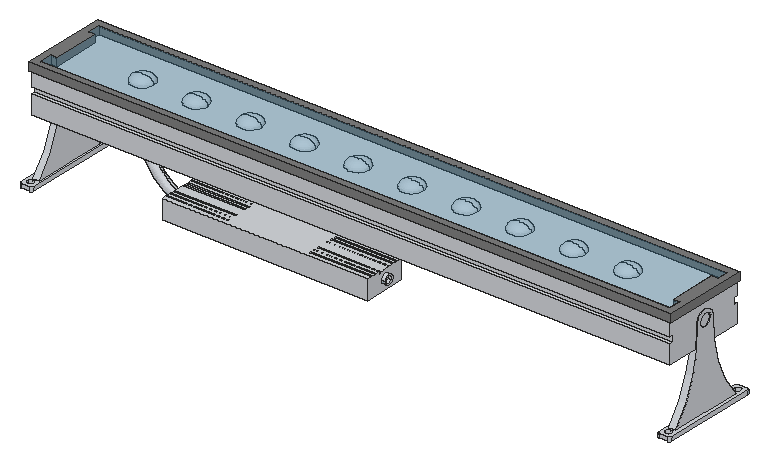
Revit family "WALL WASHER HIGH POWER LED 50CM_LK1036RGB.30", category Luminarias, Revit 2019
Family settings
  Cota de conector redondo = Diámetro de uso
  Tipo de pieza = Normal
  Se basa en plano de trabajo = Sí
  Siempre vertical = No
  Corte con vacíos al cargar = No
  Origen de luz = Sí
  Compartido = No
  Punto de cálculo de habitación = No
Parameters (values of type "REFL_LK1036RGB.30")
  Ángulo de inclinación = 60.00°
  Zone [instance] = ""
  Watt per fixture = 33.6
  Wattage = 33.6 W
  built-in parameter 1150107 = 3000 (stored number, unit not read)
  built-in parameter 1150110 = 1 (stored number, unit not read)
  built-in parameter 1150109 = 1 (stored number, unit not read)
  built-in parameter 1150112 = 1 (stored number, unit not read)
  built-in parameter 1150113 = 1 (stored number, unit not read)
  built-in parameter 1114218 = 1 (stored number, unit not read)
  Keynote = ""
  built-in parameter 1150137 = (empty or 0)
  built-in parameter 1150132 = (empty or 0)
  Modelo = "LK1036RGB.30"
  Lámpara = "OSRAM"
  built-in parameter 1150105 = 54.813 (stored number, unit not read)
  built-in parameter 1150102 = (empty or 0)
  built-in parameter 1150106 = 0.54813 (stored number, unit not read)
  Lumens = 688.8 lm
  Color Filter = 16777215
  built-in parameter 1114217 = 1 (stored number, unit not read)
  built-in parameter 1150139 = (empty or 0)
  Fabricante = "BRILLANT"
  Default Elevation = 0 mm
  built-in parameter 1150104 = 1.9045 (stored number, unit not read)
  Descripción = "LUMINARIA TIPO REFLECTOR LINEAL, WALL WASHER , CUERPO DE ALUMINIO EXTRUIDO CON POLVO GRIS, VIDRIO TEMPLADO DE 3MM ADEMAS DEL SELLADO CON SILICON EN VIDRIO Y HOUSING, CUENTA CON 10 LED TIPO OSRAM CON UN CONSUMO TOTAL DE 33.6W, 689 LUMENES, R=400mA G=500mA B=500mA, IP 66, IK 05, CABLE H07RN DE 0.5M, APERTURA DE 30 GRADOS EN STOCK, ALIMENTADA A 24V, REQUIERE ACCESORIOS."
  built-in parameter 1150115 = 1 (stored number, unit not read)
  built-in parameter 1150114 = 1 (stored number, unit not read)
  Comentarios de vataje = "24V"
  built-in parameter 1150138 = (empty or 0)
  built-in parameter 1150134 = (empty or 0)
  Circuit [instance] = ""
  Dimming Lamp Color Temperature Shift = 1
  Archivo de red fotométrica = "LK1036RGB.IES"
  built-in parameter 1150133 = 10 (stored number, unit not read)
Reference planes
  plane 1 "Centro (Frontal/Posterior)": y = 0
  plane 2: z = 0
  plane 3 "Centro (Izquierda/Derecha)": x = 0
  plane 4: x = -250
  plane 5: x = 250
  plane 6: z = 86
  plane 7: z = 3
  plane 8: x = 0
Forms (mm)
  Extrusion 1, solid, material "Aluminio"
    sketch origin (0, 0, 0) x (1, 0, 0) y (0, 1, 0)
      loop
        line (-250, 33.5) -> (-250, -33.5) -> (250, -33.5) -> (250, 33.5) -> (-250, 33.5)
      loop
        line (-245, -28.5) -> (245, -28.5) -> (245, -18.5) -> (240, -18.5) -> (240, 18.5) -> (245, 18.5) -> (245, 28.5) -> (-245, 28.5) -> (-245, 18.5) -> (-240, 18.5) -> (-240, -18.5) -> (-245, -18.5) -> (-245, -28.5)
    from 86 to 79.969
  Extrusion 2, solid
    sketch origin (0, 0, 0) x (1, 0, 0) y (0, 1, 0)
      loop
        arc (-245.182, -38.75) -> (-243.931, -38.232) -> (-243.412, -36.98) r 1.77
        line (-243.412, -36.98) -> (-243.412, 36.98)
        arc (-243.412, 36.98) -> (-243.931, 38.232) -> (-245.182, 38.75) r 1.77
        line (-245.182, 38.75) -> (-251.643, 38.75)
        arc (-251.643, 38.75) -> (-252.894, 38.232) -> (-253.412, 36.98) r 1.77
        line (-253.412, 36.98) -> (-253.412, -36.98)
        arc (-253.412, -36.98) -> (-252.894, -38.232) -> (-251.643, -38.75) r 1.77
        line (-251.643, -38.75) -> (-245.182, -38.75)
      loop
        circle (-248.412, -33.75) r 2.617
      loop
        circle (-248.412, 33.75) r 2.617
      loop
        line (245.182, -38.75) -> (251.643, -38.75)
        arc (251.643, -38.75) -> (252.894, -38.232) -> (253.412, -36.98) r 1.77
        line (253.412, -36.98) -> (253.412, 36.98)
        arc (253.412, 36.98) -> (252.894, 38.232) -> (251.643, 38.75) r 1.77
        line (251.643, 38.75) -> (245.182, 38.75)
        arc (245.182, 38.75) -> (243.931, 38.232) -> (243.412, 36.98) r 1.77
        line (243.412, 36.98) -> (243.412, -36.98)
        arc (243.412, -36.98) -> (243.931, -38.232) -> (245.182, -38.75) r 1.77
      loop
        circle (248.412, -33.75) r 2.617
      loop
        circle (248.412, 33.75) r 2.617
    from 0 to 3
  Extrusion 3, solid
    sketch origin (0, 0, 57.505) x (0, -1, 0) y (0, 0, -1)
      loop
        circle (0, -9.725) r 5
      loop
        arc (-7.232, -9.725) -> (0, -16.957) -> (7.232, -9.725) r 7.232
        arc (7.232, -9.725) -> (12.387, 24.386) -> (29.21, 54.505) r 96.512
        line (29.21, 54.505) -> (0.469, 54.505) -> (0.469, 19.505) -> (-0.469, 19.505) -> (-0.469, 54.505) -> (-29.21, 54.505)
        arc (-29.21, 54.505) -> (-12.387, 24.386) -> (-7.232, -9.725) r 96.512
    from 245 to 250
  Extrusion 4, solid, material "Cristal"
    sketch origin (0, 0, 0) x (1, 0, 0) y (0, 1, 0)
      loop
        line (-245, 28.5) -> (-245, 18.5) -> (-240, 18.5) -> (-240, -18.5) -> (-245, -18.5) -> (-245, -28.5) -> (245, -28.5) -> (245, -18.5) -> (240, -18.5) -> (240, 18.5) -> (245, 18.5) -> (245, 28.5) -> (-245, 28.5)
    from 86 to 85.337
  Revolve 5, solid
    sketch origin (0, 0, 1.84) x (1, 0, 0) y (0, 0, 1)
      loop
        line (105.714, 83.128) -> (105.714, 78.128) -> (114.371, 78.128)
        spline (114.371, 78.128) -> (114.297, 78.781) -> (114.076, 79.422) -> (113.712, 80.042) -> (113.211, 80.628) -> (112.582, 81.172) -> (111.835, 81.664) -> (110.984, 82.095) -> (110.043, 82.458) -> (109.027, 82.748) -> (107.955, 82.958) -> (106.844, 83.085) -> (105.714, 83.128)
      axis (105.714, 78.128) -> (105.714, 83.128)
    angle from 0 to 360
  Revolve 6, solid
    sketch origin (-42, 0, 1.84) x (1, 0, 0) y (0, 0, 1)
      loop
        line (105.714, 83.128) -> (105.714, 78.128) -> (114.371, 78.128)
        spline (114.371, 78.128) -> (114.297, 78.781) -> (114.076, 79.422) -> (113.712, 80.042) -> (113.211, 80.628) -> (112.582, 81.172) -> (111.835, 81.664) -> (110.984, 82.095) -> (110.043, 82.458) -> (109.027, 82.748) -> (107.955, 82.958) -> (106.844, 83.085) -> (105.714, 83.128)
      axis (105.714, 78.128) -> (105.714, 83.128)
    angle from 0 to 360
  Revolve 7, solid
    sketch origin (-84, 0, 1.84) x (1, 0, 0) y (0, 0, 1)
      loop
        line (105.714, 83.128) -> (105.714, 78.128) -> (114.371, 78.128)
        spline (114.371, 78.128) -> (114.297, 78.781) -> (114.076, 79.422) -> (113.712, 80.042) -> (113.211, 80.628) -> (112.582, 81.172) -> (111.835, 81.664) -> (110.984, 82.095) -> (110.043, 82.458) -> (109.027, 82.748) -> (107.955, 82.958) -> (106.844, 83.085) -> (105.714, 83.128)
      axis (105.714, 78.128) -> (105.714, 83.128)
    angle from 0 to 360
  Revolve 8, solid
    sketch origin (-126, 0, 1.84) x (1, 0, 0) y (0, 0, 1)
      loop
        line (105.714, 83.128) -> (105.714, 78.128) -> (114.371, 78.128)
        spline (114.371, 78.128) -> (114.297, 78.781) -> (114.076, 79.422) -> (113.712, 80.042) -> (113.211, 80.628) -> (112.582, 81.172) -> (111.835, 81.664) -> (110.984, 82.095) -> (110.043, 82.458) -> (109.027, 82.748) -> (107.955, 82.958) -> (106.844, 83.085) -> (105.714, 83.128)
      axis (105.714, 78.128) -> (105.714, 83.128)
    angle from 0 to 360
  Revolve 9, solid
    sketch origin (-168, 0, 1.84) x (1, 0, 0) y (0, 0, 1)
      loop
        line (105.714, 83.128) -> (105.714, 78.128) -> (114.371, 78.128)
        spline (114.371, 78.128) -> (114.297, 78.781) -> (114.076, 79.422) -> (113.712, 80.042) -> (113.211, 80.628) -> (112.582, 81.172) -> (111.835, 81.664) -> (110.984, 82.095) -> (110.043, 82.458) -> (109.027, 82.748) -> (107.955, 82.958) -> (106.844, 83.085) -> (105.714, 83.128)
      axis (105.714, 78.128) -> (105.714, 83.128)
    angle from 0 to 360
  Revolve 10, solid
    sketch origin (-210, 0, 1.84) x (1, 0, 0) y (0, 0, 1)
      loop
        line (105.714, 83.128) -> (105.714, 78.128) -> (114.371, 78.128)
        spline (114.371, 78.128) -> (114.297, 78.781) -> (114.076, 79.422) -> (113.712, 80.042) -> (113.211, 80.628) -> (112.582, 81.172) -> (111.835, 81.664) -> (110.984, 82.095) -> (110.043, 82.458) -> (109.027, 82.748) -> (107.955, 82.958) -> (106.844, 83.085) -> (105.714, 83.128)
      axis (105.714, 78.128) -> (105.714, 83.128)
    angle from 0 to 360
  Extrusion 11, solid
    sketch origin (-86.286, 0, 0) x (1, 0, 0) y (0, 1, 0)
      loop
        circle (-102, 0) r 7.477
    from 46.607 to 49.683
  Extrusion 12, solid
    sketch origin (-86.286, 0, 0) x (1, 0, 0) y (0, 1, 0)
      loop
        line (-102, 7.477) -> (-108.476, 3.739) -> (-108.476, -3.739) -> (-102, -7.477) -> (-95.524, -3.739) -> (-95.524, 3.739) -> (-102, 7.477)
    from 43.841 to 46.607
  Extrusion 13, solid
    sketch origin (0, 0, 0) x (1, 0, 0) y (0, 1, 0)
      loop
        line (-248.412, 32.016) -> (-248.412, -32.654) -> (248.545, -32.654) -> (248.545, 32.016) -> (-248.412, 32.016)
    from 49.683 to 79.969
  Revolve 14, solid
    sketch origin (42, 0, 1.84) x (1, 0, 0) y (0, 0, 1)
      loop
        line (105.714, 83.128) -> (105.714, 78.128) -> (114.371, 78.128)
        spline (114.371, 78.128) -> (114.297, 78.781) -> (114.076, 79.422) -> (113.712, 80.042) -> (113.211, 80.628) -> (112.582, 81.172) -> (111.835, 81.664) -> (110.984, 82.095) -> (110.043, 82.458) -> (109.027, 82.748) -> (107.955, 82.958) -> (106.844, 83.085) -> (105.714, 83.128)
      axis (105.714, 78.128) -> (105.714, 83.128)
    angle from 0 to 360
  Revolve 15, solid
    sketch origin (84, 0, 1.84) x (1, 0, 0) y (0, 0, 1)
      loop
        line (105.714, 83.128) -> (105.714, 78.128) -> (114.371, 78.128)
        spline (114.371, 78.128) -> (114.297, 78.781) -> (114.076, 79.422) -> (113.712, 80.042) -> (113.211, 80.628) -> (112.582, 81.172) -> (111.835, 81.664) -> (110.984, 82.095) -> (110.043, 82.458) -> (109.027, 82.748) -> (107.955, 82.958) -> (106.844, 83.085) -> (105.714, 83.128)
      axis (105.714, 78.128) -> (105.714, 83.128)
    angle from 0 to 360
  Revolve 16, solid
    sketch origin (-252, 0, 1.84) x (1, 0, 0) y (0, 0, 1)
      loop
        line (105.714, 83.128) -> (105.714, 78.128) -> (114.371, 78.128)
        spline (114.371, 78.128) -> (114.297, 78.781) -> (114.076, 79.422) -> (113.712, 80.042) -> (113.211, 80.628) -> (112.582, 81.172) -> (111.835, 81.664) -> (110.984, 82.095) -> (110.043, 82.458) -> (109.027, 82.748) -> (107.955, 82.958) -> (106.844, 83.085) -> (105.714, 83.128)
      axis (105.714, 78.128) -> (105.714, 83.128)
    angle from 0 to 360
  Revolve 17, solid
    sketch origin (-294, 0, 1.84) x (1, 0, 0) y (0, 0, 1)
      loop
        line (105.714, 83.128) -> (105.714, 78.128) -> (114.371, 78.128)
        spline (114.371, 78.128) -> (114.297, 78.781) -> (114.076, 79.422) -> (113.712, 80.042) -> (113.211, 80.628) -> (112.582, 81.172) -> (111.835, 81.664) -> (110.984, 82.095) -> (110.043, 82.458) -> (109.027, 82.748) -> (107.955, 82.958) -> (106.844, 83.085) -> (105.714, 83.128)
      axis (105.714, 78.128) -> (105.714, 83.128)
    angle from 0 to 360
  Extrusion 18, void
    sketch origin (0, 0, 0) x (0, 1, 0) y (0, 0, 1)
      loop
        line (-32.654, 69.191) -> (-32.654, 64.191) -> (-29.884, 64.191) -> (-29.884, 69.191) -> (-32.654, 69.191)
      loop
        line (32.654, 69.191) -> (29.884, 69.191) -> (29.884, 64.191) -> (32.654, 64.191) -> (32.654, 69.191)
    from -250 to 250
  Extrusion 19, solid
    sketch origin (0, 0, 57.505) x (0, -1, 0) y (0, 0, 1)
      loop
        circle (0, 9.725) r 5
      loop
        arc (-7.232, 9.725) -> (-12.387, -24.386) -> (-29.21, -54.505) r 96.512
        line (-29.21, -54.505) -> (-0.469, -54.505) -> (-0.469, -19.505) -> (0.469, -19.505) -> (0.469, -54.505) -> (29.21, -54.505)
        arc (29.21, -54.505) -> (12.387, -24.386) -> (7.232, 9.725) r 96.512
        arc (7.232, 9.725) -> (0, 16.957) -> (-7.232, 9.725) r 7.232
    from 245 to 250
  Extrusion 20, solid
    sketch origin (0, 0, 0) x (1, 0, 0) y (0, 1, 0)
      loop
        line (-159.783, 16) -> (-159.783, -16) -> (0.217, -16) -> (0.217, 16) -> (-159.783, 16)
    from 0 to 15
  Extrusion 21, void
    sketch origin (0, 0, 0) x (1, 0, 0) y (0, 1, 0)
      loop
        line (-159.783, 12.695) -> (-159.783, 11.445) -> (-111.686, 11.445) -> (-111.686, 12.695) -> (-159.783, 12.695)
      loop
        line (-159.783, 8.945) -> (-159.783, 7.695) -> (-111.686, 7.695) -> (-111.686, 8.945) -> (-159.783, 8.945)
      loop
        line (-159.783, 5.195) -> (-159.783, 3.945) -> (-111.686, 3.945) -> (-111.686, 5.195) -> (-159.783, 5.195)
      loop
        line (-159.783, -12.695) -> (-111.686, -12.695) -> (-111.686, -11.445) -> (-159.783, -11.445) -> (-159.783, -12.695)
      loop
        line (-159.783, -8.945) -> (-111.686, -8.945) -> (-111.686, -7.695) -> (-159.783, -7.695) -> (-159.783, -8.945)
      loop
        line (-159.783, -5.195) -> (-111.686, -5.195) -> (-111.686, -3.945) -> (-159.783, -3.945) -> (-159.783, -5.195)
      loop
        line (0.217, 12.695) -> (-47.88, 12.695) -> (-47.88, 11.445) -> (0.217, 11.445) -> (0.217, 12.695)
      loop
        line (0.217, 8.945) -> (-47.88, 8.945) -> (-47.88, 7.695) -> (0.217, 7.695) -> (0.217, 8.945)
      loop
        line (0.217, 5.195) -> (-47.88, 5.195) -> (-47.88, 3.945) -> (0.217, 3.945) -> (0.217, 5.195)
      loop
        line (0.217, -12.695) -> (0.217, -11.445) -> (-47.88, -11.445) -> (-47.88, -12.695) -> (0.217, -12.695)
      loop
        line (0.217, -8.945) -> (0.217, -7.695) -> (-47.88, -7.695) -> (-47.88, -8.945) -> (0.217, -8.945)
      loop
        line (0.217, -5.195) -> (0.217, -3.945) -> (-47.88, -3.945) -> (-47.88, -5.195) -> (0.217, -5.195)
    from 13.385 to 15
  Extrusion 22, solid
    sketch origin (0, 0, 0) x (0, 1, 0) y (0, 0, 1)
      loop
        circle (0, 8.771) r 3.442
      loop
        line (2.746, 10.356) -> (0, 11.942) -> (-2.746, 10.356) -> (-2.746, 7.185) -> (0, 5.6) -> (2.746, 7.185) -> (2.746, 10.356)
    from -163.333 to -156.969
  Extrusion 23, solid
    sketch origin (-124.565, 0, 0) x (0, 1, 0) y (0, 0, -1)
      loop
        circle (0, -8.771) r 3.442
      loop
        line (2.746, -10.356) -> (2.746, -7.185) -> (0, -5.6) -> (-2.746, -7.185) -> (-2.746, -10.356) -> (0, -11.942) -> (2.746, -10.356)
    from -128.252 to -124.565
  Sweep 24, solid
    path origin (17.303, 0, 13.216) x (1, 0, 0) y (0, 0, 1)
      loop
        arc (-188.601, 37.696) -> (-183.417, 21.627) -> (-170.773, 10.436) r 31.987
    profile origin (-166.114, 0, 34.843) x (0.836903, 0, 0.547351) y (0, -1, 0)
      loop
        circle (-16.782, 0) r 3.712
Cuts and joins
  Extrusion 18 cuts Extrusion 13
  Extrusion 21 cuts Extrusion 20
Dimensions and locks
  equal spacing: plane 4, plane 3 "Centro (Izquierda/Derecha)", plane 5
  plane 4 to plane 5 = 500 mm
  plane 4 to plane 3 "Centro (Izquierda/Derecha)" = 250 mm
  plane 6 to plane 2 = 86 mm
  plane 6 to level = 86 mm
  plane 7 to level = 3 mm
  aligned and locked: level to plane 2
  aligned and locked: plane 7 to Extrusion 2
  aligned and locked: Extrusion 1 to plane 6
  aligned and locked: Extrusion 1 to Extrusion 4
  aligned and locked: Extrusion 1 to Extrusion 18  (x2)
  aligned and locked: Extrusion 1 to Extrusion 3
  aligned and locked: Extrusion 3 to Extrusion 1
Automatic sketch dimensions
  Extrusion 1 sketch curve to plane 4 = 0 mm
  Extrusion 1 sketch curve to plane 5 = 0 mm
  plane 4 to Extrusion 1 sketch curve = 5 mm  (x2)
  Extrusion 1 sketch curve to Extrusion 1 sketch curve = 5 mm  (x4)
  Extrusion 1 sketch curve to plane 5 = 10 mm
  Extrusion 1 sketch curve to plane 5 = 5 mm
  plane 1 "Centro (Frontal/Posterior)" to Extrusion 1 sketch curve = 33.5 mm
  Extrusion 1 sketch curve to Extrusion 1 sketch curve = 10 mm  (x3)
  Extrusion 1 sketch curve to plane 1 "Centro (Frontal/Posterior)" = 18.5 mm  (x2)
  Extrusion 2 sketch curve to plane 4 = 3.412 mm
  Extrusion 2 sketch curve to plane 4 = 1.643 mm  (x2)
  plane 4 to Extrusion 2 sketch curve = 1.588 mm  (x2)
  plane 4 to Extrusion 2 sketch curve = 4.818 mm
  Extrusion 2 sketch curve to Extrusion 2 sketch curve = 3.23 mm  (x5)
  Extrusion 2 sketch curve to Extrusion 2 sketch curve = 1.77 mm  (x4)
  Extrusion 2 sketch curve to plane 5 = 6.588 mm
  Extrusion 2 sketch curve to plane 5 = 1.588 mm  (x2)
  plane 5 to Extrusion 2 sketch curve = 1.643 mm  (x2)
  plane 1 "Centro (Frontal/Posterior)" to Extrusion 2 sketch curve = 38.75 mm  (x2)
  Extrusion 2 sketch curve to plane 1 "Centro (Frontal/Posterior)" = 33.75 mm  (x2)
  Extrusion 3 sketch curve to Extrusion 3 sketch curve = 0 mm  (x2)
  Extrusion 3 sketch curve to plane 7 = 0 mm  (x2)
  Extrusion 3 sketch curve to plane 1 "Centro (Frontal/Posterior)" = 0 mm
  Extrusion 3 sketch curve to plane 1 "Centro (Frontal/Posterior)" = 0.469 mm
  Extrusion 3 sketch curve to Extrusion 3 sketch curve = 28.741 mm  (x2)
  Extrusion 3 sketch curve to plane 6 = 21.636 mm  (x2)
  Extrusion 3 sketch curve to Extrusion 3 sketch curve = 74.492 mm
  plane 1 "Centro (Frontal/Posterior)" to Extrusion 3 sketch curve = 0.469 mm
  Extrusion 3 sketch curve to plane 6 = 18.77 mm
  Extrusion 3 sketch curve to Extrusion 3 sketch curve = 29.23 mm
  plane 4 to Extrusion 4 sketch curve = 5 mm  (x2)
  Extrusion 4 sketch curve to Extrusion 4 sketch curve = 5 mm  (x2)
  Extrusion 4 sketch curve to plane 5 = 10 mm
  Extrusion 4 sketch curve to plane 5 = 5 mm
  plane 1 "Centro (Frontal/Posterior)" to Extrusion 4 sketch curve = 28.5 mm
  Extrusion 4 sketch curve to Extrusion 4 sketch curve = 10 mm  (x3)
  Extrusion 4 sketch curve to plane 1 "Centro (Frontal/Posterior)" = 18.5 mm  (x2)
  Revolve 5 sketch curve to plane 6 = 1.031 mm
  plane 3 "Centro (Izquierda/Derecha)" to Revolve 5 sketch curve = 105.714 mm
  Revolve 5 sketch curve to Revolve 5 sketch curve = 0 mm  (x3)
  Revolve 5 sketch curve to Revolve 5 sketch curve = 8.657 mm
  Revolve 5 sketch curve to Revolve 5 sketch curve = 5 mm
  plane 6 to Revolve 5 sketch curve = 15.857 mm
  Revolve 6 sketch curve to plane 6 = 1.031 mm
  plane 3 "Centro (Izquierda/Derecha)" to Revolve 6 sketch curve = 63.714 mm
  Revolve 6 sketch curve to Revolve 6 sketch curve = 0 mm  (x3)
  Revolve 6 sketch curve to Revolve 6 sketch curve = 8.657 mm
  Revolve 6 sketch curve to Revolve 6 sketch curve = 5 mm
  plane 6 to Revolve 6 sketch curve = 15.857 mm
  Revolve 7 sketch curve to plane 6 = 1.031 mm
  plane 3 "Centro (Izquierda/Derecha)" to Revolve 7 sketch curve = 21.714 mm
  Revolve 7 sketch curve to Revolve 7 sketch curve = 0 mm  (x3)
  Revolve 7 sketch curve to Revolve 7 sketch curve = 8.657 mm
  Revolve 7 sketch curve to Revolve 7 sketch curve = 5 mm
  plane 6 to Revolve 7 sketch curve = 15.857 mm
  Revolve 8 sketch curve to plane 6 = 1.031 mm
  Revolve 8 sketch curve to plane 3 "Centro (Izquierda/Derecha)" = 20.286 mm
  Revolve 8 sketch curve to Revolve 8 sketch curve = 0 mm  (x3)
  Revolve 8 sketch curve to Revolve 8 sketch curve = 8.657 mm
  Revolve 8 sketch curve to Revolve 8 sketch curve = 5 mm
  plane 6 to Revolve 8 sketch curve = 15.857 mm
  Revolve 9 sketch curve to plane 6 = 1.031 mm
  Revolve 9 sketch curve to plane 3 "Centro (Izquierda/Derecha)" = 62.286 mm
  Revolve 9 sketch curve to Revolve 9 sketch curve = 0 mm  (x3)
  Revolve 9 sketch curve to Revolve 9 sketch curve = 8.657 mm
  Revolve 9 sketch curve to Revolve 9 sketch curve = 5 mm
  plane 6 to Revolve 9 sketch curve = 15.857 mm
  Revolve 10 sketch curve to plane 6 = 1.031 mm
  Revolve 10 sketch curve to plane 3 "Centro (Izquierda/Derecha)" = 104.286 mm
  Revolve 10 sketch curve to Revolve 10 sketch curve = 0 mm  (x3)
  Revolve 10 sketch curve to Revolve 10 sketch curve = 8.657 mm
  Revolve 10 sketch curve to Revolve 10 sketch curve = 5 mm
  plane 6 to Revolve 10 sketch curve = 15.857 mm
  plane 1 "Centro (Frontal/Posterior)" to Extrusion 11 sketch curve = 0 mm
  plane 4 to Extrusion 11 sketch curve = 61.714 mm
  plane 4 to Extrusion 13 sketch curve = 1.588 mm
  Extrusion 13 sketch curve to plane 5 = 1.455 mm
  plane 1 "Centro (Frontal/Posterior)" to Extrusion 13 sketch curve = 32.654 mm
  Extrusion 13 sketch curve to plane 1 "Centro (Frontal/Posterior)" = 32.016 mm
  Revolve 14 sketch curve to plane 6 = 1.031 mm
  Revolve 14 sketch curve to plane 5 = 102.286 mm
  Revolve 14 sketch curve to Revolve 14 sketch curve = 0 mm  (x3)
  Revolve 14 sketch curve to Revolve 14 sketch curve = 8.657 mm
  Revolve 14 sketch curve to Revolve 14 sketch curve = 5 mm
  plane 6 to Revolve 14 sketch curve = 15.857 mm
  Revolve 15 sketch curve to plane 6 = 1.031 mm
  Revolve 15 sketch curve to plane 5 = 60.286 mm
  Revolve 15 sketch curve to Revolve 15 sketch curve = 0 mm  (x3)
  Revolve 15 sketch curve to Revolve 15 sketch curve = 8.657 mm
  Revolve 15 sketch curve to Revolve 15 sketch curve = 5 mm
  plane 6 to Revolve 15 sketch curve = 15.857 mm
  Revolve 16 sketch curve to plane 6 = 1.031 mm
  plane 4 to Revolve 16 sketch curve = 103.714 mm
  Revolve 16 sketch curve to Revolve 16 sketch curve = 0 mm  (x3)
  Revolve 16 sketch curve to Revolve 16 sketch curve = 8.657 mm
  Revolve 16 sketch curve to Revolve 16 sketch curve = 5 mm
  plane 6 to Revolve 16 sketch curve = 15.857 mm
  Revolve 17 sketch curve to plane 6 = 1.031 mm
  plane 4 to Revolve 17 sketch curve = 61.714 mm
  Revolve 17 sketch curve to Revolve 17 sketch curve = 0 mm  (x3)
  Revolve 17 sketch curve to Revolve 17 sketch curve = 8.657 mm
  Revolve 17 sketch curve to Revolve 17 sketch curve = 5 mm
  plane 6 to Revolve 17 sketch curve = 15.857 mm
  plane 1 "Centro (Frontal/Posterior)" to Extrusion 18 sketch curve = 32.654 mm
  Extrusion 18 sketch curve to Extrusion 18 sketch curve = 2.77 mm  (x2)
  Extrusion 18 sketch curve to plane 1 "Centro (Frontal/Posterior)" = 29.884 mm
  Extrusion 18 sketch curve to plane 6 = 21.809 mm  (x2)
  Extrusion 18 sketch curve to Extrusion 18 sketch curve = 5 mm  (x2)
  Extrusion 19 sketch curve to Extrusion 19 sketch curve = 0 mm  (x2)
  Extrusion 19 sketch curve to plane 7 = 0 mm  (x2)
  Extrusion 19 sketch curve to plane 1 "Centro (Frontal/Posterior)" = 0 mm
  Extrusion 19 sketch curve to plane 1 "Centro (Frontal/Posterior)" = 0.469 mm
  Extrusion 19 sketch curve to Extrusion 19 sketch curve = 28.741 mm  (x2)
  Extrusion 19 sketch curve to plane 6 = 21.636 mm  (x2)
  Extrusion 19 sketch curve to Extrusion 19 sketch curve = 74.492 mm
  plane 1 "Centro (Frontal/Posterior)" to Extrusion 19 sketch curve = 0.469 mm
  Extrusion 19 sketch curve to Extrusion 19 sketch curve = 35 mm
  Extrusion 19 sketch curve to plane 6 = 18.77 mm
  plane 1 "Centro (Frontal/Posterior)" to Extrusion 20 sketch curve = 16 mm
  plane 4 to Extrusion 20 sketch curve = 90.217 mm
  plane 3 "Centro (Izquierda/Derecha)" to Extrusion 20 sketch curve = 0.217 mm
  Extrusion 20 sketch curve to plane 1 "Centro (Frontal/Posterior)" = 16 mm
  Extrusion 21 sketch curve to plane 1 "Centro (Frontal/Posterior)" = 12.695 mm
  plane 4 to Extrusion 21 sketch curve = 90.217 mm
  plane 1 "Centro (Frontal/Posterior)" to Extrusion 21 sketch curve = 3.945 mm  (x2)
  Extrusion 21 sketch curve to Extrusion 21 sketch curve = 0 mm  (x20)
  Extrusion 21 sketch curve to plane 1 "Centro (Frontal/Posterior)" = 3.945 mm  (x2)
  Extrusion 21 sketch curve to Extrusion 21 sketch curve = 48.097 mm
  Extrusion 21 sketch curve to plane 3 "Centro (Izquierda/Derecha)" = 47.88 mm
  plane 3 "Centro (Izquierda/Derecha)" to Extrusion 21 sketch curve = 0.217 mm
  Extrusion 21 sketch curve to Extrusion 21 sketch curve = 1.25 mm  (x12)
  Extrusion 21 sketch curve to Extrusion 21 sketch curve = 2.5 mm  (x7)
  Extrusion 22 sketch curve to plane 1 "Centro (Frontal/Posterior)" = 0 mm  (x3)
  plane 1 "Centro (Frontal/Posterior)" to Extrusion 22 sketch curve = 2.746 mm
  Extrusion 22 sketch curve to plane 1 "Centro (Frontal/Posterior)" = 2.746 mm
  plane 7 to Extrusion 22 sketch curve = 2.6 mm
  Extrusion 22 sketch curve to Extrusion 22 sketch curve = 1.585 mm  (x6)
  Extrusion 23 sketch curve to plane 1 "Centro (Frontal/Posterior)" = 0 mm  (x3)
  plane 1 "Centro (Frontal/Posterior)" to Extrusion 23 sketch curve = 2.746 mm
  Extrusion 23 sketch curve to plane 1 "Centro (Frontal/Posterior)" = 2.746 mm
  plane 7 to Extrusion 23 sketch curve = 8.942 mm
  Extrusion 23 sketch curve to Extrusion 23 sketch curve = 1.585 mm  (x3)
  Extrusion 23 sketch curve to Extrusion 23 sketch curve = 3.171 mm  (x2)
  plane 7 to Extrusion 23 sketch curve = 2.6 mm
  Sweep 24 sketch curve to plane 1 "Centro (Frontal/Posterior)" = 0 mm
  profile plane to Sweep 24 sketch curve = 16.782 mm
  Sweep 24 sketch curve to plane 6 = 33.649 mm
  plane 4 to Sweep 24 sketch curve = 110.656 mm
  plane 7 to Sweep 24 sketch curve = 20.652 mm
  Sweep 24 sketch curve to Sweep 24 sketch curve = 14.126 mm
  Sweep 24 sketch curve to Sweep 24 sketch curve = 31.954 mm
  radius of Extrusion 2 sketch curve = 2.617 mm  (x4)
  radius of Extrusion 3 sketch curve = 5 mm
  radius of Extrusion 11 sketch curve = 7.477 mm
  radius of Extrusion 19 sketch curve = 5 mm
  radius of Extrusion 22 sketch curve = 3.442 mm
  radius of Extrusion 23 sketch curve = 3.442 mm
  radius of Sweep 24 sketch curve = 3.712 mm
Connectors
  electrical at (3.687, 0, 8.771)
    settings: on Extrusion 23, index 1, voltage 24 V, apparent load 0 VA, apparent load phase1 0 VA, apparent load phase2 0 VA, apparent load phase3 0 VA, power factor 1, load classification "Otro", number of poles 1, system type 31, power factor state 1, is connector primary yes, connector utility no, sub classification motor no, connector description ""
